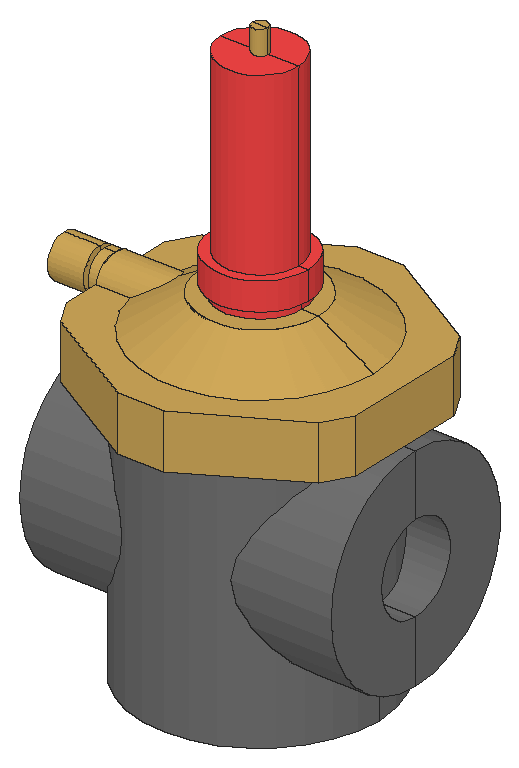
Revit family "Differential Pressure Control Valve 4202 25-60kPa", category Rohrzubehör, Revit 2018
Family settings
  Bemaßung runder Anschluss = Durchmesser verwenden
  Teiletyp = Unterbricht
  OmniClass-Nummer = 23.65.55.14
  OmniClass-Titel = Valves for Liquid Services
  Arbeitsebenenbasiert = Nein
  Immer vertikal = Ja
  Beim Laden mit Abzugskörper schneiden = Nein
  Gemeinsam genutzt = Nein
Parameters (values of type "with insulation")
  y2 [instance] = K14 + K9 + H01  # 49.149 mm
  y1 [instance] = (R03 * 2) + R05  # 66.000 mm
  Model = "The differential pressure controller is a straight-version linear controller and works without auxiliary power. The\r\nnominal differential pressure can be continuously adjusted from 50 to 300 mbar and 250 to 600 mbar, respectively.\r\nThe value for the setting can be read from the diagram. The nominal set point is factory preset to a minimum. If\r\nnecessary, the nominal set point can be adjusted using the pre-setting key (1 4002 01). A capillary tube (1000 mm) is\r\nincluded and should be connected to the circuit regulating valve in the supply line."
  Min. operating temperature (anti freeze) = -20 °C  # constant formula
  Max. operating temperature up to DN32 = 130 °C  # constant formula
  Max. operating temperature from DN40 = 110 °C  # constant formula
  Max. differential pressure on the body = 400000.0 Pa  # constant formula
  Max. operating pressure = 2500000.0 Pa  # constant formula
  Valve shaft = "stainless steel 14301"  # constant formula
  URL = "www.herzvalves.com"
  SCRNSEQ = "ARM;ARM_TYP=\"DIFR\";2"
  SCRNCODE = "05;03;4"  # constant formula
  S06 [instance] = 1.000 mm  # constant formula
  S05 [instance] = S01 - 1.000 mm  # 16.250 mm
  S04 [instance] = S02 - 1.000 mm  # 18.000 mm
  S03 [instance] = size_lookup("4202 25-60kPa", "S03", 26.500 mm, Nennweite)  # 25.600 mm
  S02 [instance] = size_lookup("4202 25-60kPa", "S02", 19.000 mm, Nennweite)  # 19.000 mm
  S01 [instance] = size_lookup("4202 25-60kPa", "S01", 17.250 mm, Nennweite)  # 17.250 mm
  Regulator connection nut = "brass CW614N"  # constant formula
  Control range = "25 - 60kPa"  # constant formula
  R06 [instance] = size_lookup("4202 25-60kPa", "R06", 14.500 mm, Nennweite)  # 14.500 mm
  R05 [instance] = size_lookup("4202 25-60kPa", "R05", 46.000 mm, Nennweite)  # 46.000 mm
  R04 [instance] = size_lookup("4202 25-60kPa", "R04", 12.500 mm, Nennweite)  # 12.500 mm
  R03 [instance] = size_lookup("4202 25-60kPa", "R03", 10.000 mm, Nennweite)  # 10.000 mm
  R02 = 14.500 mm  # constant formula
  R01 [instance] = size_lookup("4202 25-60kPa", "R01", 12.500 mm, Nennweite)  # 12.500 mm
  Min. operating temperature (pure water) = 2 °C  # constant formula
  O-Rings = "EPDM"  # constant formula
  Nennweite [instance] = 15.000 mm
  Membrane body = "brass CW602N"  # constant formula
  Membrane = "EPDM"  # constant formula
  Medium = "Water purity in accordance with the ÖNORM H 5195 and VDI 2035 standards.\r\nEthylene and propylene glycol can be mixed to a ratio of 25 - 50 vol. [%]"
  L2 [instance] = size_lookup("4202 25-60kPa", "L2", 161.000 mm, Nennweite)  # 161.000 mm
  L [instance] = size_lookup("4202 25-60kPa", "L", 66.000 mm, Nennweite)  # 66.000 mm
  K9 = 4.000 mm  # constant formula
  K8 = 55.000 mm  # constant formula
  K7 = 8.700 mm  # constant formula
  K6 = 11.700 mm  # constant formula
  K5 = 13.000 mm  # constant formula
  K4 = 12.000 mm  # constant formula
  K3 = 15.000 mm  # constant formula
  K2 = 2.350 mm  # constant formula
  K18 = 89.000 mm  # constant formula
  K17 = 66.700 mm  # constant formula
  K16 = 3.000 mm  # constant formula
  K15 = 26.649 mm  # constant formula
  K14 = 16.649 mm  # constant formula
  K13 = 16.649 mm  # constant formula
  K12 = 10.000 mm  # constant formula
  K11 = 35.000 mm  # constant formula
  K10 = 18.250 mm  # constant formula
  K1.1 = 2.350 mm  # constant formula
  K1 = 7.651 mm  # constant formula
  J9 = 15.700 mm  # constant formula
  J8 = 7.850 mm  # constant formula
  J7 = 15.897 mm  # constant formula
  J6 = 3.900 mm  # constant formula
  J5 = 6.500 mm  # constant formula
  J4 = 1.500 mm  # constant formula
  J3 = 3.200 mm  # constant formula
  J2 = 11.000 mm  # constant formula
  J11 = 3.500 mm  # constant formula
  J10 = 18.897 mm  # constant formula
  J1 = 6.500 mm  # constant formula
  Hersteller = "HERZ-Armaturen Ges.m.b.H"  # constant formula
  H2 [instance] = size_lookup("4202 25-60kPa", "H2", 28.000 mm, Nennweite)  # 28.000 mm
  H1 [instance] = K1 + K2 + K3 + K4 + K5 + K7 + K8 + K16 + 16.650 mm  # 133.351 mm
  H04 = 4.000 mm  # constant formula
  H03 = 9.800 mm  # constant formula
  H02 [instance] = size_lookup("4202 25-60kPa", "H02", 53.000 mm, Nennweite)  # 53.000 mm
  H01 [instance] = size_lookup("4202 25-60kPa", "H01", 25.000 mm, Nennweite)  # 28.500 mm
  Body = "DZR brass CC770S"  # constant formula
  G03 [instance] = size_lookup("4202 25-60kPa", "G03", 13.200 mm, Nennweite)  # 13.200 mm
  G02 [instance] = size_lookup("4202 25-60kPa", "G02", 9.500 mm, Nennweite)  # 9.500 mm
  G01 [instance] = size_lookup("4202 25-60kPa", "G01", 13.500 mm, Nennweite)  # 13.500 mm
  Adjusting spindle = "brass CW614N"  # constant formula
  Materials = "EPDM gaskets can be affected by mineral oil lubricants and thus lead to failure of the EPDM seals. Please refer\r\nto manufacturers documentation when using ethylene glycol products for frost and corrosion protection."
  Dämmung = yes
  Insulation shell = "EPP (expanded polypropylen)"  # constant formula
  Compression spring = "spring steel 14310 NS"  # constant formula
  DN50 [instance] = Nennweite = 50.000 mm  # no
  DN40 [instance] = Nennweite = 40.000 mm  # no
  DN32-40 [instance] = or(Nennweite = 32.000 mm, Nennweite = 40.000 mm)  # no
  DN32 [instance] = Nennweite = 32.000 mm  # no
  DN25,32,40 [instance] = or(Nennweite = 25.000 mm, Nennweite = 32.000 mm, Nennweite = 40.000 mm)  # no
  DN25 [instance] = Nennweite = 25.000 mm  # no
  DN20 [instance] = Nennweite = 20.000 mm  # no
  DN15-25 [instance] = or(Nennweite = 15.000 mm, Nennweite = 20.000 mm, Nennweite = 25.000 mm)  # yes
  DN15,20,50 [instance] = or(Nennweite = 15.000 mm, Nennweite = 20.000 mm, Nennweite = 50.000 mm)  # yes
  DN15 [instance] = Nennweite = 15.000 mm  # yes
  D07 [instance] = if(Nennweite = 15.000 mm, 32.500 mm, if(Nennweite = 20.000 mm, 33.500 mm, if(Nennweite = 25.000 mm, 33.500 mm, if(Nennweite = 32.000 mm, 49.500 mm, if(Nennweite = 40.000 mm, 59.500 mm, if(Nennweite = 50.000 mm, 59.500 mm, 0.000 mm))))))  # 32.500 mm
  D06 [instance] = if(Nennweite = 15.000 mm, 32.500 mm, if(Nennweite = 20.000 mm, 33.500 mm, if(Nennweite = 25.000 mm, 33.500 mm, if(Nennweite = 32.000 mm, 49.500 mm, if(Nennweite = 40.000 mm, 59.500 mm, if(Nennweite = 50.000 mm, 59.500 mm, 0.000 mm))))))  # 32.500 mm
  D05 [instance] = if(Nennweite = 15.000 mm, 36.750 mm, if(Nennweite = 20.000 mm, 40.700 mm, if(Nennweite = 25.000 mm, 49.200 mm, if(Nennweite = 32.000 mm, 54.150 mm, if(Nennweite = 40.000 mm, 60.750 mm, if(Nennweite = 50.000 mm, 72.700 mm, 0.000 mm))))))  # 36.750 mm
  D04 [instance] = if(Nennweite = 15.000 mm, 78.500 mm, if(Nennweite = 20.000 mm, 82.000 mm, if(Nennweite = 25.000 mm, 84.000 mm, if(Nennweite = 32.000 mm, 120.000 mm, if(Nennweite = 40.000 mm, 130.000 mm, if(Nennweite = 50.000 mm, 130.500 mm, 0.000 mm))))))  # 78.500 mm
  D03 [instance] = if(Nennweite = 15.000 mm, 96.000 mm, if(Nennweite = 20.000 mm, 110.000 mm, if(Nennweite = 25.000 mm, 112.000 mm, if(Nennweite = 32.000 mm, 152.000 mm, if(Nennweite = 40.000 mm, 170.000 mm, if(Nennweite = 50.000 mm, 179.000 mm, 0.000 mm))))))  # 96.000 mm
  D02 [instance] = size_lookup("4202 25-60kPa", "R05", 41.000 mm, Nennweite)  # 46.000 mm
  D01 [instance] = size_lookup("4202 25-60kPa", "G01", 13.220 mm, Nennweite)  # 13.500 mm
  Bestellnummer Dämmung [instance] = if(and(Dämmung, Nennweite = 15.000 mm), 1409611, if(and(Dämmung, Nennweite = 20.000 mm), 1409612, if(and(Dämmung, Nennweite = 25.000 mm), 1409613, if(and(Dämmung, Nennweite = 32.000 mm), 1409614, if(and(Dämmung, Nennweite = 40.000 mm), 1409615, if(and(Dämmung, Nennweite = 50.000 mm), 1409616, 0))))))  # 1409611
  Bestellnummer [instance] = if(Nennweite = 15.000 mm, 1420261, if(Nennweite = 20.000 mm, 1420262, if(Nennweite = 25.000 mm, 1420263, if(Nennweite = 32.000 mm, 1420264, if(Nennweite = 40.000 mm, 1420265, if(Nennweite = 50.000 mm, 1420266, 0))))))  # 1420261
  B2 [instance] = size_lookup("4202 25-60kPa", "B2", 31.000 mm, Nennweite)  # 31.000 mm
  B1 [instance] = size_lookup("4202 25-60kPa", "B1", 26.000 mm, Nennweite)  # 26.000 mm
  B04 = 100.649 mm  # constant formula
  B03 = 44.500 mm  # constant formula
  B02 = 104.688 mm  # constant formula
  B01 = 10.000 mm  # constant formula
  Indicator sleeve = "plastic (red)"  # constant formula
  Application = "Differential pressure controllers are used to stabilize the differential pressure in heating and cooling circuits and ensure the\r\nindependence of the loads from dynamic pressure fluctuations in the system."
  Connection nipple = "brass CW602N"  # constant formula
Types (3, lengths in mm): name | Model | Medium | Materials | Dämmung | Bestellnummer Dämmung
  (no name) | "The differential pressure controller is a straight-version linear controller and works without auxiliary power. The\r\nnominal differential pressure can be continuously adjusted from 50 to 300 mbar and 250 to 600 mbar, respectively.\r\nThe value for the setting can be read from the diagram. The nominal set point is factory preset to a minimum. If\r\nnecessary, the nominal set point can be adjusted using the pre-setting key (1 4002 01). A capillary tube (1000 mm) is\r\nincluded and should be connected to the circuit regulating valve in the supply line." | "Water purity in accordance with the ÖNORM H 5195 and VDI 2035 standards.\r\nEthylene and propylene glycol can be mixed to a ratio of 25 - 50 vol. [%]" | "EPDM gaskets can be affected by mineral oil lubricants and thus lead to failure of the EPDM seals. Please refer\r\nto manufacturers documentation when using ethylene glycol products for frost and corrosion protection." | yes | 1409611
  with insulation | "The differential pressure controller is a straight-version linear controller and works without auxiliary power. The\r\nnominal differential pressure can be continuously adjusted from 50 to 300 mbar and 250 to 600 mbar, respectively.\r\nThe value for the setting can be read from the diagram. The nominal set point is factory preset to a minimum. If\r\nnecessary, the nominal set point can be adjusted using the pre-setting key (1 4002 01). A capillary tube (1000 mm) is\r\nincluded and should be connected to the circuit regulating valve in the supply line." | "Water purity in accordance with the ÖNORM H 5195 and VDI 2035 standards.\r\nEthylene and propylene glycol can be mixed to a ratio of 25 - 50 vol. [%]" | "EPDM gaskets can be affected by mineral oil lubricants and thus lead to failure of the EPDM seals. Please refer\r\nto manufacturers documentation when using ethylene glycol products for frost and corrosion protection." | yes | 1409611
  without insulation | "The differential pressure controller is a straight-version linear controller and works without auxiliary power. The\r\nnominal differential pressure can be continuously adjusted from 50 to 300 mbar and 250 to 600 mbar, respectively.\r\nThe value for the setting can be read from the diagram. The nominal set point is factory preset to a minimum. If\r\nnecessary, the nominal set point can be adjusted using the pre-setting key (1 4002 01). A capillary (1000 mm) is\r\nincluded and should be connected to the circuit regulating valve in the flow." | "Water purity in accordance with the ÖNORM H 5195 and VDI 2035 standards\r\nEthylene and propylene glycol can be mixed to a ratio of 25 - 50 vol. [%]" | "EPDM gaskets can be affected by Mineral oils lubricants and thus lead to failure of the EPDM seals. Please refer\r\nto manufacturers documentation when using ethylene glycol products for frost and corrosion protection" | no | 0
Reference planes
  plane 1 "Mitte (Vorne/hinten)": y = 0
  plane 2: z = 0
  plane 3 "Mitte (Links/rechts)": x = 0
Forms (mm)
  Revolve 1, solid, material "Messing, weicher Gelbton, geschweißt", detail levels fine
    sketch origin (0, 0, 0) x (1, 0, 0) y (0, 0, 1)
      loop
        line (-19.8, 0) -> (19.8, 0) -> (19.8, 9.5) -> (33, 9.5) -> (33, 13.5) -> (23, 13.5) -> (23, 12.5) -> (-23, 12.5) -> (-23, 13.5) -> (-33, 13.5) -> (-33, 9.5) -> (-19.8, 9.5) -> (-19.8, 0)
      axis (-33, 0) -> (33, 0)
    angle from 0 to 360
  Revolve 2, solid, material "Messing, weicher Gelbton, geschweißt", detail levels fine
    sketch origin (0, 0, 0) x (1, 0, 0) y (0, 0, 1)
      loop
        line (0, -28) -> (0, 0) -> (-18, 0) -> (-18, -18.2) -> (-19, -18.2) -> (-19, -28) -> (0, -28)
      axis (0, 0) -> (0, -28)
    angle from 0 to 360
  Extrusion 3, solid, material "Messing, weicher Gelbton, geschweißt", detail levels fine
    sketch origin (0, 0, 0) x (0, -1, 0) y (1, 0, 0)
      loop
        line (-46, -7.038) -> (-27.114, -39.75) -> (-18.886, -44.5) -> (18.886, -44.5) -> (27.114, -39.75) -> (46, -7.038) -> (46, 7.038) -> (27.114, 39.75) -> (18.886, 44.5) -> (-18.886, 44.5) -> (-27.114, 39.75) -> (-46, 7.038) -> (-46, -7.038)
    from 32.5 to 49.149
  Revolve 4, solid, material "Messing, weicher Gelbton, geschweißt", detail levels fine
    sketch origin (0, 0, -7.051) x (1, 0, 0) y (0, 0, 1)
      loop
        line (0, 56.2) -> (0, 66.2) -> (-18.25, 66.2) -> (-35, 56.2) -> (0, 56.2)
      axis (0, 66.2) -> (0, 56.2)
    angle from 0 to 360
  Revolve 5, solid, material "Messing, weicher Gelbton, geschweißt", visible <- "DN15-25", detail levels fine
    sketch origin (-11, 0, 0) x (1, 0, 0) y (0, 1, 0)
      loop
        line (-1.5, 26) -> (-9.2, 26) -> (-9.2, 0) -> (-1.5, 0) -> (-1.5, 26)
      axis (-1.5, 0) -> (-1.5, 26)
    angle from 0 to 360
  Revolve 6, solid, material "Messing, weicher Gelbton, geschweißt", visible <- "DN15,20,50", detail levels fine
    sketch origin (-0.988, 0, -6.853) x (-1, 0, 0) y (0, 0, 1)
      loop
        line (43.5, 55.25) -> (59.2, 55.25) -> (59.2, 61.75) -> (48.2, 61.75) -> (48.2, 59.15) -> (46.7, 59.15) -> (46.7, 61.75) -> (43.5, 61.75) -> (43.5, 55.25)
      axis (43.5, 55.25) -> (59.2, 55.25)
    angle from 0 to 360
  Extrusion 7, solid, material "Messing, weicher Gelbton, geschweißt", visible <- "DN15,20,50", detail levels fine
    sketch origin (0, 0, 0) x (0, 1, 0) y (0, 0, -1)
      loop
        line (7.85, -47.047) -> (7.85, -36) -> (-7.85, -36) -> (-7.85, -47.047)
        arc (-7.85, -47.047) -> (0, -54.897) -> (7.85, -47.047) r 7.85
    from 0 to 44.5
  Revolve 8, solid, material "Kunsstoff rot", detail levels fine
    sketch origin (0, 0, 0) x (1, 0, 0) y (0, 0, 1)
      loop
        line (-12, 125.849) -> (-12, 70.849) -> (-15, 70.849) -> (-15, 62.149) -> (-13, 62.149) -> (-13, 59.149) -> (0, 59.149) -> (0, 125.849) -> (-12, 125.849)
      axis (0, 125.849) -> (0, 59.149)
    angle from 0 to 360
  Revolve 9, solid, material "Messing, weicher Gelbton, geschweißt", visible <- "DN15-25", detail levels fine
    sketch origin (-2, 0, 0) x (1, 0, 0) y (0, 1, 0)
      loop
        line (-12.5, 0) -> (-21.5, 0) -> (-21.5, -31) -> (-12.5, -31) -> (-12.5, 0)
      axis (-12.5, 0) -> (-12.5, -31)
    angle from 0 to 360
  Revolve 10, solid, material "Messing, weicher Gelbton, geschweißt", visible <- "DN15-25", detail levels fine
    sketch origin (2, 0, 0) x (1, 0, 0) y (0, 1, 0)
      loop
        line (12.5, 0) -> (12.5, -31) -> (21.6, -31) -> (21.6, 0) -> (12.5, 0)
      axis (12.5, 0) -> (12.5, -31)
    angle from 0 to 360
  Extrusion 11, solid, material "Messing, weicher Gelbton, geschweißt", visible <- "DN32", detail levels fine
    sketch origin (-31.5, 0, 0) x (1, 0, 0) y (0, 1, 0)
      loop
        circle (63, 0) r 6.578
      loop
        circle (63, 0) r 3.28
    from -47 to 0
  Extrusion 12, solid, material "Messing, weicher Gelbton, geschweißt", visible <- "DN32", detail levels fine
    sketch origin (31.5, 0, 0) x (-1, 0, 0) y (0, -1, 0)
      loop
        circle (63, 0) r 6.578
      loop
        circle (63, 0) r 3.28
    from -47 to 0
  Revolve 13, solid, material "Messing, weicher Gelbton, geschweißt", detail levels fine
    sketch origin (0, 0, 0) x (1, 0, 0) y (0, 0, 1)
      loop
        line (-16.25, 0) -> (0, 0) -> (0, 32.5) -> (-12.25, 32.5) -> (-12.25, 28.5) -> (-17.25, 28.5) -> (-17.25, 18.7) -> (-16.25, 18.7) -> (-16.25, 0)
      axis (0, 32.5) -> (0, 0)
    angle from 0 to 360
  Extrusion 14, solid, material "Messing, weicher Gelbton, geschweißt", visible <- "DN40", detail levels fine
    sketch origin (29.382, 0, 0) x (-1, 0, 0) y (0, -1, 0)
      loop
        circle (63, 0) r 6.578
      loop
        circle (63, 0) r 3.28
    from -58 to 0
  Extrusion 15, solid, material "Messing, weicher Gelbton, geschweißt", visible <- "DN40", detail levels fine
    sketch origin (-29.455, 0, 0) x (1, 0, 0) y (0, 1, 0)
      loop
        circle (63, 0) r 6.578
      loop
        circle (63, 0) r 3.28
    from -58 to 0
  Extrusion 16, solid, material "Messing, weicher Gelbton, geschweißt", visible <- "DN50", detail levels fine
    sketch origin (28.422, 0, 0) x (-1, 0, 0) y (0, -1, 0)
      loop
        circle (63, 0) r 6.578
      loop
        circle (63, 0) r 3.28
    from -58 to 0
  Extrusion 17, solid, material "Messing, weicher Gelbton, geschweißt", visible <- "DN50", detail levels fine
    sketch origin (-28.422, 0, 0) x (1, 0, 0) y (0, 1, 0)
      loop
        circle (63, 0) r 6.578
      loop
        circle (63, 0) r 3.28
    from -58 to 0
  Revolve 18, solid, material "Messing, weicher Gelbton, geschweißt", detail levels fine
    sketch origin (0, 0, 0) x (1, 0, 0) y (0, 0, 1)
      loop
        line (-2.35, 125.349) -> (0, 125.349) -> (0, 133) -> (-2.35, 133) -> (-2.35, 125.349)
      axis (0, 133) -> (0, 125.349)
    angle from 0 to 360
  Revolve 19, solid, material "Messing, weicher Gelbton, geschweißt", visible <- "DN32-40", detail levels fine
    sketch origin (-11, 0, 0) x (1, 0, 0) y (0, 1, 0)
      loop
        line (-1.5, -26) -> (-1.5, 0) -> (-9.2, 0) -> (-9.2, -26) -> (-1.5, -26)
      axis (-1.5, 0) -> (-1.5, -26)
    angle from 0 to 360
  Revolve 20, solid, material "Messing, weicher Gelbton, geschweißt", visible <- "DN25,32,40", detail levels fine
    sketch origin (0.988, 0, 20.147) x (1, 0, 0) y (0, 0, 1)
      loop
        line (43.5, 28.25) -> (59.2, 28.25) -> (59.2, 34.75) -> (48.2, 34.75) -> (48.2, 32.15) -> (46.7, 32.15) -> (46.7, 34.75) -> (43.5, 34.75) -> (43.5, 28.25)
      axis (43.5, 28.25) -> (59.2, 28.25)
    angle from 0 to 360
  Extrusion 21, solid, material "Messing, weicher Gelbton, geschweißt", visible <- "DN25", detail levels fine
    sketch origin (0, 0, 0) x (0, 1, 0) y (0, 0, 1)
      loop
        arc (7.85, 48.047) -> (0, 55.897) -> (-7.85, 48.047) r 7.85
        line (-7.85, 48.047) -> (-7.85, 37) -> (7.85, 37) -> (7.85, 48.047)
    from 0 to 44.5
  Extrusion 22, solid, material "Messing, weicher Gelbton, geschweißt", visible <- "DN32", detail levels fine
    sketch origin (0, 0, 0) x (0, 1, 0) y (0, 0, 1)
      loop
        arc (7.85, 64.047) -> (0, 71.897) -> (-7.85, 64.047) r 7.85
        line (-7.85, 64.047) -> (-7.85, 53) -> (7.85, 53) -> (7.85, 64.047)
    from 0 to 44.5
  Extrusion 23, solid, material "Messing, weicher Gelbton, geschweißt", visible <- "DN40", detail levels fine
    sketch origin (0, 0, 0) x (0, 1, 0) y (0, 0, 1)
      loop
        arc (7.85, 74.047) -> (0, 81.897) -> (-7.85, 74.047) r 7.85
        line (-7.85, 74.047) -> (-7.85, 63) -> (7.85, 63) -> (7.85, 74.047)
    from 0 to 44.5
  Revolve 24, solid, material "Kunststoff-Anthrazig/Schwarz", visible <- "Dämmung"
    sketch origin (0, 0, 0) x (1, 0, 0) y (0, 0, 1)
      loop
        line (0, -46) -> (36.75, -46) -> (36.75, 32.5) -> (0, 32.5) -> (0, -46)
      axis (0, 32.5) -> (0, -46)
    angle from 0 to 360
  Revolve 25, solid, material "Kunststoff-Anthrazig/Schwarz", visible <- "Dämmung"
    sketch origin (0, 0, 0) x (1, 0, 0) y (0, 0, 1)
      loop
        line (48, 32.5) -> (-48, 32.5) -> (-48, 13.5) -> (-23, 13.5) -> (-23, 0) -> (0, 0) -> (23, 0) -> (23, 13.5) -> (48, 13.5) -> (48, 32.5)
      axis (-48, 0) -> (48, 0)
    angle from 0 to 360
Lines and regions (mm)
  model lines, detail levels coarse+medium
    curve 1: line (33, -13.5, 0) -> (33, 13.5, 0)
    curve 2: line (33, 13.5, 0) -> (-33, -13.5, 0)
    curve 3: line (-33, -13.5, 0) -> (-33, 13.5, 0)
    curve 4: line (-33, 13.5, 0) -> (33, -13.5, 0)
    curve 5: spline (-44.5, -40.824, 0) -> (-42.984, -38.67, 0) -> (-38.538, -36.662, 0) -> (-31.466, -34.938, 0) -> (-22.25, -33.615, 0) -> (-11.517, -32.784, 0) -> (0, -32.5, 0) -> (11.517, -32.784, 0) -> (22.25, -33.615, 0) -> (31.466, -34.938, 0) -> (38.538, -36.662, 0) -> (42.984, -38.67, 0) -> (44.5, -40.825, 0) -> (42.984, -42.979, 0) -> (38.538, -44.987, 0) -> (31.466, -46.711, 0) -> (22.25, -48.034, 0) -> (11.517, -48.865, 0) -> (0, -49.149, 0) -> (-11.517, -48.865, 0) -> (-22.25, -48.034, 0) -> (-31.466, -46.711, 0) -> (-38.538, -44.987, 0) -> (-42.984, -42.979, 0) -> (-44.5, -40.824, 0)
    curve 6: line (-33, 0, 13.5) -> (-33, 0, -13.5)
    curve 7: line (-33, 0, -13.5) -> (33, 0, 13.5)
    curve 8: line (33, 0, 13.5) -> (33, 0, -13.5)
    curve 9: line (33, 0, -13.5) -> (-33, 0, 13.5)
    curve 10: line (0, 0, 13.5) -> (0, 0, 32.5)
    curve 11: spline (-44.5, 0, 40.825) -> (-42.984, 0, 42.979) -> (-38.538, 0, 44.987) -> (-31.466, 0, 46.711) -> (-22.25, 0, 48.034) -> (-11.517, 0, 48.865) -> (0, 0, 49.149) -> (11.517, 0, 48.865) -> (22.25, 0, 48.034) -> (31.466, 0, 46.711) -> (38.538, 0, 44.987) -> (42.984, 0, 42.979) -> (44.5, 0, 40.824) -> (42.984, 0, 38.67) -> (38.538, 0, 36.662) -> (31.466, 0, 34.938) -> (22.25, 0, 33.615) -> (11.517, 0, 32.784) -> (0, 0, 32.5) -> (-11.517, 0, 32.784) -> (-22.25, 0, 33.615) -> (-31.466, 0, 34.938) -> (-38.538, 0, 36.662) -> (-42.984, 0, 38.67) -> (-44.5, 0, 40.825)
    curve 12: line (0, 0, 13.5) -> (16.5, 0, 6.75)
    curve 13: line (0, 0, 13.5) -> (-16.5, 0, 6.75)
    curve 14: line (33, 0, 0) -> (63, 0, 0)
    curve 15: line (-33, 0, 0) -> (-63, 0, 0)
    curve 16: line (0, -19, 0) -> (-16.5, -6.75, 0)
    curve 17: line (0, -19, 0) -> (16.5, -6.75, 0)
  model lines
    curve 18: line (0, -19, 0) -> (0, -32.5, 0)
Dimensions and locks
  "G01": Revolve 1 sketch curve to Revolve 1 sketch curve  (x2)
  "R01": Revolve 1 sketch curve to Revolve 1 sketch curve
  "R03": Revolve 1 sketch curve to Revolve 1 sketch curve  (x2)
  "K10": Revolve 4 sketch curve to Revolve 4 sketch curve
  "K11": Revolve 4 sketch curve to Revolve 4 sketch curve
  "B1": Revolve 5 sketch curve to Revolve 5 sketch curve
  "J1": Revolve 6 sketch curve to Revolve 6 sketch curve
  "J3": Revolve 6 sketch curve to Revolve 6 sketch curve
  "J4": Revolve 6 sketch curve to Revolve 6 sketch curve
  "J2": Revolve 6 sketch curve to Revolve 6 sketch curve
  "J5": Revolve 6 sketch curve to Revolve 6 sketch curve
  "J6": Revolve 6 sketch curve to Revolve 6 sketch curve
  "H2": plane 2 to Revolve 2 sketch curve
  "H03": Revolve 2 sketch curve to Revolve 2 sketch curve
  "S02": plane 3 "Mitte (Links/rechts)" to Revolve 2 sketch curve
  "B02": Revolve 6 to Extrusion 3
  "B03": Extrusion 3 to plane 3 "Mitte (Links/rechts)"
  "R04": Revolve 5 sketch curve to plane 3 "Mitte (Links/rechts)"
  "K4": Revolve 8 sketch curve to Revolve 8 sketch curve
  "K3": Revolve 8 sketch curve to Revolve 8 sketch curve
  "K7": Revolve 8 sketch curve to Revolve 8 sketch curve
  "K5": Revolve 8 sketch curve to Revolve 8 sketch curve
  "K8": Revolve 8 sketch curve to Revolve 8 sketch curve
  "K12": Revolve 4 sketch curve to Revolve 4 sketch curve
  "K13": Revolve 4 sketch curve to Extrusion 3
  "K14": Extrusion 3 to Extrusion 3
  "K16": Revolve 8 sketch curve to Revolve 8 sketch curve
  "K15": Revolve 8 to Extrusion 3
  "R05": Revolve 1 sketch curve to Revolve 1 sketch curve
  equal spacing: Revolve 1 sketch curve, plane 3 "Mitte (Links/rechts)", Revolve 1 sketch curve
  "B2": plane 1 "Mitte (Vorne/hinten)" to Revolve 9 sketch curve
  "B2": Revolve 10 sketch curve to plane 1 "Mitte (Vorne/hinten)"
  "R06": Revolve 9 sketch curve to plane 3 "Mitte (Links/rechts)"
  "R06": plane 3 "Mitte (Links/rechts)" to Revolve 10 sketch curve
  "S01": Revolve 13 sketch curve to plane 3 "Mitte (Links/rechts)"
  "S05": plane 3 "Mitte (Links/rechts)" to Revolve 13 sketch curve
  "H04": Revolve 13 sketch curve to Revolve 13 sketch curve
  "H03": Revolve 13 sketch curve to Revolve 13 sketch curve
  "H01": Revolve 13 sketch curve to plane 2
  "K9": Extrusion 3 to Revolve 13
  "S06": Revolve 2 sketch curve to Revolve 2 sketch curve
  "J7": Revolve 6 sketch curve to Extrusion 3
  "J9": Extrusion 7 sketch curve to Extrusion 7 sketch curve
  "J10": Revolve 6 to Extrusion 7 sketch curve
  "J11": Extrusion 7 sketch curve to Extrusion 3
  equal spacing: curve 6, curve 5, curve 8
  "K18": Extrusion 3 to Extrusion 3
  "G01": curve 9 to plane 2
  "G01": plane 2 to curve 7
  "G01": curve 8 to plane 2
  "G01": plane 2 to curve 9
  "K18": curve 11 to curve 11
  "G01": curve 13 to plane 2
  "K14": curve 11 to curve 11
  "y2": curve 11 to plane 2
  "G01": plane 1 "Mitte (Vorne/hinten)" to curve 4
  "G01": curve 3 to plane 1 "Mitte (Vorne/hinten)"
  equal spacing: curve 3, curve 11, curve 1
  equal spacing: curve 3, curve 17, curve 1
  "y1": curve 3 to curve 1
  "G01": plane 1 "Mitte (Vorne/hinten)" to curve 2
  "G01": curve 4 to plane 1 "Mitte (Vorne/hinten)"
  "K18": curve 5 to curve 5
  "K14": curve 5 to curve 5
  "y2": curve 5 to plane 1 "Mitte (Vorne/hinten)"
  "K1.1": plane 3 "Mitte (Links/rechts)" to Revolve 18 sketch curve
  "B1": Revolve 19 sketch curve to Revolve 19 sketch curve
  "R04": Revolve 19 sketch curve to plane 3 "Mitte (Links/rechts)"
  "G02": Revolve 1 sketch curve to plane 2  (x2)
  "G03": Revolve 1 sketch curve to Revolve 1 sketch curve  (x2)
  Revolve 1 sketch curve to Revolve 1 sketch curve = 66.000 mm
  Revolve 1 to Revolve 1 = 66.000 mm
  "L2": Revolve 18 to Revolve 2
  "J1": Revolve 20 sketch curve to Revolve 20 sketch curve
  "J3": Revolve 20 sketch curve to Revolve 20 sketch curve
  "J4": Revolve 20 sketch curve to Revolve 20 sketch curve
  "J2": Revolve 20 sketch curve to Revolve 20 sketch curve
  "J5": Revolve 20 sketch curve to Revolve 20 sketch curve
  "J6": Revolve 20 sketch curve to Revolve 20 sketch curve
  "J7": Revolve 20 sketch curve to Extrusion 3
  "J9": Extrusion 21 sketch curve to Extrusion 21 sketch curve
  "J9": Extrusion 22 sketch curve to Extrusion 22 sketch curve
  "J9": Extrusion 23 sketch curve to Extrusion 23 sketch curve
  "L": curve 6 to curve 8
  equal spacing: Revolve 1, curve 13, plane 3 "Mitte (Links/rechts)"
  equal spacing: plane 3 "Mitte (Links/rechts)", curve 12, Revolve 1
  equal spacing: curve 3, curve 16, plane 3 "Mitte (Links/rechts)"
  equal spacing: plane 3 "Mitte (Links/rechts)", curve 17, curve 1
  "D04": Revolve 24 sketch curve to Revolve 24 sketch curve
  "D05": Revolve 24 sketch curve to Revolve 24 sketch curve
  "D06": Revolve 24 sketch curve to plane 2
  "D07": Revolve 25 sketch curve to plane 2
  "D01": Revolve 25 sketch curve to plane 2  (x2)
  "D03": Revolve 25 sketch curve to Revolve 25 sketch curve
  Revolve 25 sketch curve to Revolve 25 sketch curve = 46.000 mm
  "D02": Revolve 25 sketch curve to Revolve 25 sketch curve
  equal spacing: Revolve 25 sketch curve, plane 3 "Mitte (Links/rechts)", Revolve 25 sketch curve  (x2)
  "J8": radius of Extrusion 7 sketch curve
  "J8": radius of Extrusion 21 sketch curve
  "J8": radius of Extrusion 22 sketch curve
  "J8": radius of Extrusion 23 sketch curve
  aligned and locked: level to plane 2
Automatic sketch dimensions
  plane 3 "Mitte (Links/rechts)" to Extrusion 3 sketch curve = 7.038 mm  (x2)
  Extrusion 3 sketch curve to plane 1 "Mitte (Vorne/hinten)" = 46.000 mm
  Extrusion 3 sketch curve to plane 1 "Mitte (Vorne/hinten)" = 27.114 mm  (x2)
  Extrusion 3 sketch curve to Extrusion 3 sketch curve = 8.227 mm  (x4)
  plane 1 "Mitte (Vorne/hinten)" to Extrusion 3 sketch curve = 18.886 mm  (x2)
  Extrusion 3 sketch curve to Extrusion 3 sketch curve = 18.886 mm
  Extrusion 3 sketch curve to plane 3 "Mitte (Links/rechts)" = 7.038 mm  (x2)
  Extrusion 3 sketch curve to Extrusion 3 sketch curve = 32.712 mm  (x4)
  Extrusion 3 sketch curve to Extrusion 3 sketch curve = 4.750 mm  (x2)
  Extrusion 11 sketch curve to Extrusion 11 sketch curve = 0.000 mm  (x2)
  plane 1 "Mitte (Vorne/hinten)" to Extrusion 11 sketch curve = 0.000 mm
  plane 3 "Mitte (Links/rechts)" to Extrusion 11 sketch curve = 31.500 mm
  Extrusion 12 sketch curve to Extrusion 12 sketch curve = 0.000 mm  (x2)
  plane 1 "Mitte (Vorne/hinten)" to Extrusion 12 sketch curve = 0.000 mm
  plane 3 "Mitte (Links/rechts)" to Extrusion 12 sketch curve = 31.500 mm
  Extrusion 14 sketch curve to Extrusion 14 sketch curve = 0.000 mm  (x2)
  plane 1 "Mitte (Vorne/hinten)" to Extrusion 14 sketch curve = 0.000 mm
  plane 3 "Mitte (Links/rechts)" to Extrusion 14 sketch curve = 33.618 mm
  Extrusion 15 sketch curve to Extrusion 15 sketch curve = 0.000 mm  (x2)
  plane 1 "Mitte (Vorne/hinten)" to Extrusion 15 sketch curve = 0.000 mm
  plane 3 "Mitte (Links/rechts)" to Extrusion 15 sketch curve = 33.545 mm
  Extrusion 16 sketch curve to Extrusion 16 sketch curve = 0.000 mm  (x2)
  plane 1 "Mitte (Vorne/hinten)" to Extrusion 16 sketch curve = 0.000 mm
  plane 3 "Mitte (Links/rechts)" to Extrusion 16 sketch curve = 34.578 mm
  Extrusion 17 sketch curve to Extrusion 17 sketch curve = 0.000 mm  (x2)
  plane 1 "Mitte (Vorne/hinten)" to Extrusion 17 sketch curve = 0.000 mm
  plane 3 "Mitte (Links/rechts)" to Extrusion 17 sketch curve = 34.578 mm
  curve 15 to level = 0.000 mm
  curve 10 to plane 3 "Mitte (Links/rechts)" = 0.000 mm
  curve 11 to plane 3 "Mitte (Links/rechts)" = 0.000 mm
  curve 14 to level = 0.000 mm
  curve 15 to curve 15 = 30.000 mm
  curve 14 to curve 14 = 30.000 mm
  curve 18 to plane 3 "Mitte (Links/rechts)" = 0.000 mm
  curve 5 to plane 3 "Mitte (Links/rechts)" = 0.000 mm
  curve 18 to curve 17 = 13.500 mm
  Revolve 1 sketch curve to level = 0.000 mm  (x2)
  Revolve 1 sketch curve to Revolve 1 sketch curve = 1473.530 mm
  Revolve 1 sketch curve to Revolve 1 sketch curve = 1806.148 mm
  Revolve 2 sketch curve to level = 0.000 mm
  Revolve 2 sketch curve to plane 3 "Mitte (Links/rechts)" = 0.000 mm  (x2)
  Revolve 2 sketch curve to Revolve 2 sketch curve = 1.000 mm
  Revolve 2 sketch curve to Revolve 2 sketch curve = 334.045 mm
  level to Revolve 2 sketch curve = 2218.015 mm
  Revolve 4 sketch curve to plane 3 "Mitte (Links/rechts)" = 0.000 mm  (x2)
  Revolve 4 sketch curve to level = 373.096 mm
  Revolve 4 sketch curve to Revolve 4 sketch curve = 2155.315 mm
  plane 1 "Mitte (Vorne/hinten)" to Revolve 5 sketch curve = 0.000 mm  (x2)
  Revolve 5 sketch curve to Revolve 5 sketch curve = 0.000 mm  (x2)
  Revolve 5 sketch curve to Revolve 5 sketch curve = 7.700 mm
  plane 3 "Mitte (Links/rechts)" to Revolve 6 sketch curve = 44.488 mm
  Revolve 6 sketch curve to Revolve 6 sketch curve = 0.000 mm  (x3)
  Extrusion 7 sketch curve to plane 1 "Mitte (Vorne/hinten)" = 0.000 mm
  Extrusion 7 sketch curve to Extrusion 7 sketch curve = 11.047 mm
  Extrusion 7 sketch curve to Extrusion 7 sketch curve = 0.000 mm
  Revolve 8 sketch curve to plane 3 "Mitte (Links/rechts)" = 0.000 mm  (x2)
  level to Revolve 8 sketch curve = 59.149 mm
  Revolve 8 sketch curve to Revolve 8 sketch curve = 0.000 mm  (x2)
  plane 1 "Mitte (Vorne/hinten)" to Revolve 9 sketch curve = 0.000 mm  (x2)
  Revolve 9 sketch curve to Revolve 9 sketch curve = 9.000 mm
  Revolve 9 sketch curve to Revolve 9 sketch curve = 0.000 mm  (x2)
  plane 1 "Mitte (Vorne/hinten)" to Revolve 10 sketch curve = 0.000 mm  (x2)
  Revolve 10 sketch curve to Revolve 10 sketch curve = 9.100 mm
  Revolve 10 sketch curve to Revolve 10 sketch curve = 0.000 mm  (x2)
  Revolve 13 sketch curve to level = 0.000 mm  (x2)
  Revolve 13 sketch curve to plane 3 "Mitte (Links/rechts)" = 0.000 mm  (x2)
  Revolve 13 sketch curve to Revolve 13 sketch curve = 5.000 mm
  Revolve 13 sketch curve to Revolve 13 sketch curve = 0.000 mm
  Revolve 18 sketch curve to plane 3 "Mitte (Links/rechts)" = 0.000 mm  (x2)
  level to Revolve 18 sketch curve = 125.349 mm
  Revolve 18 sketch curve to Revolve 18 sketch curve = 7.651 mm
  Revolve 18 sketch curve to Revolve 18 sketch curve = 0.000 mm  (x2)
  plane 1 "Mitte (Vorne/hinten)" to Revolve 19 sketch curve = 0.000 mm  (x2)
  Revolve 19 sketch curve to Revolve 19 sketch curve = 7.700 mm
  Revolve 19 sketch curve to Revolve 19 sketch curve = 0.000 mm  (x2)
  plane 3 "Mitte (Links/rechts)" to Revolve 20 sketch curve = 44.488 mm
  Revolve 20 sketch curve to Revolve 20 sketch curve = 0.000 mm  (x3)
  Extrusion 21 sketch curve to plane 1 "Mitte (Vorne/hinten)" = 0.000 mm
  level to Extrusion 21 sketch curve = 37.000 mm
  Extrusion 21 sketch curve to Extrusion 21 sketch curve = 11.047 mm
  Extrusion 21 sketch curve to Extrusion 21 sketch curve = 0.000 mm
  Extrusion 22 sketch curve to plane 1 "Mitte (Vorne/hinten)" = 0.000 mm
  level to Extrusion 22 sketch curve = 53.000 mm
  Extrusion 22 sketch curve to Extrusion 22 sketch curve = 11.047 mm
  Extrusion 22 sketch curve to Extrusion 22 sketch curve = 0.000 mm
  Extrusion 23 sketch curve to plane 1 "Mitte (Vorne/hinten)" = 0.000 mm
  level to Extrusion 23 sketch curve = 63.000 mm
  Extrusion 23 sketch curve to Extrusion 23 sketch curve = 11.047 mm
  Extrusion 23 sketch curve to Extrusion 23 sketch curve = 0.000 mm
  Revolve 24 sketch curve to plane 3 "Mitte (Links/rechts)" = 0.000 mm  (x2)
  Revolve 24 sketch curve to Revolve 24 sketch curve = 0.000 mm  (x2)
  Revolve 25 sketch curve to level = 0.000 mm  (x2)
  Revolve 25 sketch curve to plane 3 "Mitte (Links/rechts)" = 0.000 mm
  Revolve 25 sketch curve to Revolve 25 sketch curve = 0.000 mm  (x2)
  radius of Extrusion 11 sketch curve = 6.578 mm
  radius of Extrusion 11 sketch curve = 3.280 mm
  radius of Extrusion 12 sketch curve = 6.578 mm
  radius of Extrusion 12 sketch curve = 3.280 mm
  radius of Extrusion 14 sketch curve = 6.578 mm
  radius of Extrusion 14 sketch curve = 3.280 mm
  radius of Extrusion 15 sketch curve = 6.578 mm
  radius of Extrusion 15 sketch curve = 3.280 mm
  radius of Extrusion 16 sketch curve = 6.578 mm
  radius of Extrusion 16 sketch curve = 3.280 mm
  radius of Extrusion 17 sketch curve = 6.578 mm
  radius of Extrusion 17 sketch curve = 3.280 mm
Nested families
  nested 1: "Herz-Logo-vorne" at (-0.018, 17.815, -12.904) x (0, -1, 0) z (0, 0, 1), type "Herz-Logo-vorne", detail levels fine
  nested 2: "Herz-Logo-vorne" at (-0.018, 24.058, 0) x (0, -1, 0) z (0, 0, 1), visible <- "DN32", type "Herz-Logo-vorne", detail levels fine
  nested 3: "Herz-Logo-vorne" at (-0.018, 33.471, 0) x (0, -1, 0) z (0, 0, 1), visible <- "DN50", type "Herz-Logo-vorne", detail levels fine
  nested 4: "Herz-Logo-vorne" at (-0.018, 26.482, 0) x (0, -1, 0) z (0, 0, 1), visible <- "DN40", type "Herz-Logo-vorne", detail levels fine
Connectors
  piping at (33, 0, 0), diameter 15, driven by "Nennweite"
    settings: on Revolve 1, index 1, connector inside diameter 609.6 mm, connector length 0.000 mm, flow factor 0, pipe flow 0.0 L/s, pressure drop 0.0 Pa, fitting loss kfactor 0, connector angle 0.00°, fixture units 0, engagement length 0.000 mm, angle of deflection 0.00°, flow configuration 0, flow direction 2, fitting loss method 0, system type 29, joint type 0, gender type 0, connector reference index -1, connector utility 0, adjustable connector no, is connector primary yes, connector description ""
  piping at (-33, 0, 0), diameter 15, driven by "Nennweite"
    settings: on Revolve 1, index 2, connector inside diameter 609.6 mm, connector length 0.000 mm, flow factor 0, pipe flow 0.0 L/s, pressure drop 0.0 Pa, fitting loss kfactor 0, connector angle 0.00°, fixture units 0, engagement length 0.000 mm, angle of deflection 0.00°, flow configuration 0, flow direction 1, fitting loss method 0, system type 7, joint type 0, gender type 0, connector reference index -1, connector utility 0, adjustable connector no, is connector primary no, connector description ""
Definition of nested family "Herz-Logo-vorne"
  Reference planes
    plane 1 "Mitte (Vorne/hinten)": y = 0
    plane 2: z = 0
    plane 3 "Mitte (Links/rechts)": x = 0
  Forms (mm)
    Extrusion 1, solid
      sketch origin (0.732, -0.018, 0.017) x (0, -1, 0) y (0, 0, 1)
        loop
          line (-0.018, -4.517) -> (4.482, -4.517) -> (4.482, 4.483) -> (-4.518, 4.483) -> (-4.518, -4.517) -> (-0.018, -4.517)
        loop
          line (-0.05, -3.48) -> (3.482, -3.48) -> (3.482, 3.483) -> (-3.518, 3.483) -> (-3.518, -3.48) -> (-0.05, -3.48)
        loop
          arc (-0.018, 2.383) -> (-1.543, 3.287) -> (-3.067, 2.383) r 1.738
          arc (-3.067, 2.383) -> (-3.191, 1.899) -> (-3.067, 1.415) r 1.009
          line (-3.067, 1.415) -> (-0.018, -3.281) -> (3.032, 1.415)
          arc (3.032, 1.415) -> (3.156, 1.899) -> (3.032, 2.383) r 1.009
          arc (3.032, 2.383) -> (1.507, 3.287) -> (-0.018, 2.383) r 1.738
        loop
          arc (1.885, 1.272) -> (2.005, 1.675) -> (1.885, 2.079) r 0.74
          arc (1.885, 2.079) -> (1.265, 2.416) -> (0.644, 2.079) r 0.74
          line (0.644, 2.079) -> (-0.018, 0.97) -> (-0.679, 2.079)
          arc (-0.679, 2.079) -> (-1.3, 2.416) -> (-1.921, 2.079) r 0.74
          arc (-1.921, 2.079) -> (-2.04, 1.675) -> (-1.921, 1.272) r 0.74
          line (-1.921, 1.272) -> (-0.018, -1.658) -> (1.885, 1.272)
      from 0 to 1.5
  Dimensions and locks
    aligned and locked: level to plane 2
